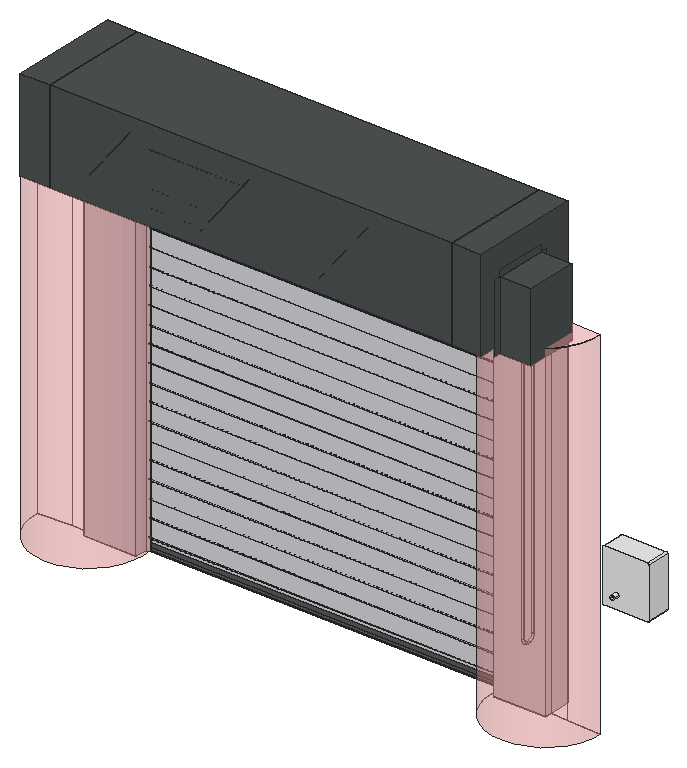
Revit family "Doors_Industrial_Wayne-Dalton_High-Speed-Metal-Doors-Model-888-ADV-Xtreme_new1", category Specialty Equipment, host Wall, Revit 2019
Family settings
  Host = Wall
  Round Connector Dimension = Use Diameter
  Part Type = Normal
  OmniClass Number = 23.30.10.21.34
  OmniClass Title = Industrial Doors
  Always vertical = Yes
  Cut with Voids When Loaded = No
  Shared = No
  Room Calculation Point = No
Parameters (values of type "230 volts, three phase, 60 Hz (208-245V range)")
  True Width [instance] = [Door Width (Real)]  # 10' - 0"
  True Height [instance] = [Door Height (Real)]  # 10' - 0"
  Top Slat Array [instance] = if(Amount of Top Slats > 1, 1 < 2, 1 > 2)  # yes
  Slat Type [instance] = if(or(Slat Option = 1, Slat Option < 1), "Standard", if(Slat Option = 2, "Perforated Aluminum Slats", "Polycarbonate Panels"))  # "Standard"
  Slat Option [instance] = 1
  Slat Material = Metal - Wayne Dalton - Silver
  Slat Height = 0' - 5 13/16"  # constant formula
  Real Width [instance] = roundup([Door Width (Real)] / 1' 0")  # 10
  Product Page URL = "https://www.wayne-dalton.com/high-speed-metal-door-888"
  Powder Coat (Note) = "Approximately 200 optional RAL powder coat colors are also available."  # constant formula
  Optional Slat Array [instance] = not([1st Optional Slat])  # yes
  Motor Cover [instance] = yes
  Lookup Table = "Door Limits"  # constant formula
  Insulated Slat Option [instance] = if(or(Guide Option = 2, Guide Option = 4, Guide Option > 4), 1 = 1, 1 = 2)  # no
  Hood Option [instance] = yes
  Hood Material = Metal - Wayne Dalton - Black
  Headroom Height [instance] = if(or(Header Option < 1, Header Option = 1), 2' 8", 3' 2")  # 2' - 8"
  Header Type [instance] = if(or(Header Option < 1, Header Option = 1), "Standard Header", "Large Header")  # "Standard Header"
  Header Option [instance] = if(or(True Height < 15' 0", True Height = 15' 0"), 1, 2)  # 1
  Guide Type [instance] = if(or(Guide Option < 1, Guide Option = 1), "Wide Guide - Non-Insulated", if(Guide Option = 2, "Wide Guide - Insulated", if(Guide Option = 3, "Slim Guide - Non-Insulated", "Slim Guide - Insulated")))  # "Wide Guide - Non-Insulated"
  Guide Option [instance] = 1
  External Transformer = no
  Door Width (Real) [instance] = if(Door Width > Max Door Width, Max Door Width, if(Door Width < Min Door Width, Min Door Width, Door Width))  # 10' - 0"
  Door Height (Real) [instance] = if(Door Height > Max Door Height, Max Door Height, if(Door Height < Min Door Height, Min Door Height, Door Height))  # 10' - 0"
  Optional Slats Section Height [instance] = Slat Height * [Amount of Optional Slats (Real)]  # 1' - 11 1/4"
  Rough Width [instance] = [Door Width (Real)]  # 10' - 0"
  Rough Height [instance] = [Door Height (Real)] - 0' 1 1/4"  # 9' - 10 3/4"
  Opening Width [instance] = Rough Width  # 10' - 0"
  Opening Height [instance] = Rough Height  # 9' - 10 3/4"
  Voltage = 230 V
  URL = "https://www.wayne-dalton.com/"
  Product data url = "https://www.bimobject.com/wayne-dalton/product/high-speed-metal-doors-model-888-ADV-Xtreme"
  Product Guid = "f6f877ff-ae3f-49dd-87b4-d9b5cf1c7fbb"
  Power Factor = 1
  Number of Poles = 3
  Model = "888"  # constant formula
  Min Door Width [instance] = 4' - 0"  # constant formula
  Min Door Height [instance] = 2' - 0"  # constant formula
  Max Door Width [instance] = if(or(Slat Option = 2, Guide Option = 2, Guide Option = 4, Guide Option > 4), 20' 0", 26' 0")  # 26' - 0"
  Max Door Height [instance] = if(or(Guide Option = 1, Guide Option < 1), size_lookup(Lookup Table, "A", 21' 0", Real Width), if(Guide Option = 2, 21' 0", if(Guide Option = 3, size_lookup(Lookup Table, "B", 21' 0", Real Width), if(or(Guide Option = 4, Guide Option > 4), size_lookup(Lookup Table, "C", 21' 0", Real Width), 21' 0"))))  # 21' - 0"
  Manufacturer = "Wayne Dalton"  # constant formula
  Frequency = 60 Hz  # constant formula
  Wall Closure = By host
  Floor To (CL) of Shaft [instance] = if(or(Header Option < 1, Header Option = 1), Opening Height + 1' 4", Opening Height + 1' 7 161/256")  # 11' - 2 3/4"
  Dimensions Limit (Note) [instance] = "Maximum Height dependant on Width input, see specifications for further detail"  # constant formula
  Connector Description = "Rapidflex Large Control Panel"  # constant formula
  Bottom Slats Section Height [instance] = Slat Height * [Amount of Bottom Slats (Real)]  # 3' - 10 1/2"
  Finish Material = Metal - Wayne Dalton - Silver
  Door Width [instance] = 10' - 0"
  Door Height [instance] = 10' - 0"
  Description = "Built tough with power, security and durability in mind, Model 888 ADV-Xtreme is ideal for applications where security and performance are a priority. Constructed with dual-walled aluminum, this door can withstand pressure up to 100 psf*.‬‬‬ Model 888 ADV-Xtreme also features a patent-pending helical-designed steel headplate that helps prevent metal curtain contact and provides smooth operation. A patent-pending curtain monitoring device ensures the door has a redundant system to monitor the position of the door. *Up to 50 psf with optional vision panels."  # constant formula
  Current = 20 A
  Clearance [instance] = yes
  Bottom Rail (Width) = 0' - 9 3/8"  # constant formula
  Bottom Slat Array [instance] = not([1st Bottom Slat])  # yes
  Backroom Depth [instance] = if(or(Header Option < 1, Header Option = 1), 3' 0 1/2", 3' 6 1/2")  # 3' - 0 1/2"
  Apparent Load Phase 3 = if(Number of Poles = 1, 0 VA, (Voltage * Current * sqrt(3)) / 3)  # 2655.81 VA
  Apparent Load Phase 2 = if(Number of Poles = 1, 0 VA, (Voltage * Current * sqrt(3)) / 3)  # 2655.81 VA
  Apparent Load Phase 1 = if(Number of Poles = 1, Voltage * Current, (Voltage * Current * sqrt(3)) / 3)  # 2655.81 VA
  Amount of Top Slats (Array) [instance] = if(Amount of Top Slats < 2, 2, Amount of Top Slats)  # 9
  Amount of Top Slats [instance] = if((Actual Number of Slats - [Amount of Optional Slats (Real)] - [Amount of Bottom Slats (Real)]) < 1, 0, (Actual Number of Slats - [Amount of Optional Slats (Real)] - [Amount of Bottom Slats (Real)]))  # 9
  Amount of Optional Slats (Real) [instance] = if(or(Amount of Optional Slats = 1, Amount of Optional Slats < 1), 1, if(Amount of Optional Slats > 4, 4, Amount of Optional Slats))  # 4
  Amount of Optional Slats (Array) [instance] = if(or([Amount of Optional Slats (Real)] < 2, [Amount of Optional Slats (Real)] = 2), 2, [Amount of Optional Slats (Real)])  # 4
  Amount of Optional Slats [instance] = 4
  Amount of Bottom Slats (Real) [instance] = if(Amount of Bottom Slats < 1, 1, if(Amount of Bottom Slats > (Actual Number of Slats - [Amount of Optional Slats (Real)]), (Actual Number of Slats - [Amount of Optional Slats (Real)]), Amount of Bottom Slats))  # 8
  Amount of Bottom Slats (Array) [instance] = if(or([Amount of Bottom Slats (Real)] < 2, [Amount of Bottom Slats (Real)] = 2), 2, [Amount of Bottom Slats (Real)])  # 8
  Amount of Bottom Slats [instance] = 8
  Actual Number of Slats [instance] = roundup(([Door Height (Real)] - [Bottom Rail (Width)]) / 0' 5 13/16" + 1)  # 21
  1st Top Slat [instance] = if(Amount of Top Slats = 1, 1 < 2, 1 > 2)  # no
  1st Optional Slat [instance] = if(or([Amount of Optional Slats (Real)] = 1, [Amount of Optional Slats (Real)] < 1), 1 < 2, 1 > 2)  # no
  1st Bottom Slat [instance] = if([Amount of Bottom Slats (Real)] = 1, 1 < 2, 1 > 2)  # no
Reference planes (in)
  plane 1 "Center (Front/Back)": y = 0
  plane 2 "Center (Left/Right)": x = 0
  plane 3 "Left": x = -60
  plane 4 "Right": x = 60
  plane 5 "Top": z = 120
  plane 6 "Exterior": y = 3
  plane 7 "Interior": y = -3
  plane 8: x = 60
  plane 9: x = -60
  plane 10: z = 118.75
  plane 11: z = 150.75
  plane 12 "Main": y = -7.11719
  plane 13: y = -39.5
  plane 14 "Bottom Rail": z = 9.375
  plane 15 "Main Door Block": y = -3
  plane 16: z = 47.47
  plane 17: z = 61.6875
  plane 18: z = 73.3125
  plane 19: z = 50.0625
  plane 20: z = 2.5
  plane 21: y = -7.61719
  plane 22: y = -6.61719
  plane 23 "1st Bottom Slat": z = 2.5
  plane 24: z = 79.125
  plane 25: z = 15.1875
  plane 26: z = 3.5625
Forms (in)
  Extrusion 1, solid, material "Plastic - Wayne Dalton - Nylon"
    sketch origin (0, 0, 0) x (0, 1, 0) y (0, 0, 1)
      loop
        line (-7.61719, 2.5) -> (-7.61719, 1.064) -> (-7.73131, 0.25198) -> (-7.93536, 0) -> (-6.29902, 0) -> (-6.50307, 0.25198) -> (-6.61719, 1.064) -> (-6.61719, 2.5) -> (-7.61719, 2.5)
    from -60 to 60
Lines and regions (in)
  Opening 1
    outline origin (-90, -3, 0) x (1, 0, 0) y (0, 0, 1)
      loop
        line (30, 0) -> (150, 0) -> (150, 118.75) -> (30, 118.75) -> (30, 0)
Text (in)
  text "Exterior" at (-74.96733, 27.31104, 0), in view "Ref. Level"
  text "Interior" at (-74.96733, -25.14366, 0), in view "Ref. Level"
  text "Exterior" at (0, 40.15149, 123.01588), in view "Right"
  text "Interior" at (0, -64.39139, 123.01588), in view "Right"
  text "Interior" at (0, -31.01599, 123.00693), in view "Left"
  text "Exterior" at (0, 54.57065, 123.00693), in view "Left"
Dimensions and locks (in)
  equal spacing: plane 3 "Left", plane 2 "Center (Left/Right)", plane 4 "Right"
  "Door Height (Real)": level to plane 5 "Top"
  "Door Width (Real)": plane 3 "Left" to plane 4 "Right"
  host wall to plane 5 "Top" = 10' - 0"
  level to host wall = 38' - 3.59655"
  "Rough Height": level to plane 10
  equal spacing: plane 9, plane 2 "Center (Left/Right)", plane 8
  "Rough Width": plane 8 to plane 9
  "Headroom Height": plane 10 to plane 11
  "Backroom Depth": plane 7 "Interior" to plane 13
  "Bottom Rail (Width)": plane 14 "Bottom Rail" to level
  plane 10 to level = 9' - 10 3/4"
  locked: plane 15 "Main Door Block" to plane 12 "Main" at 4.11719
  plane 1 "Center (Front/Back)" to plane 7 "Interior" = 0' - 3"
  equal spacing: plane 18, plane 17, plane 19
  "Optional Slats Section Height": plane 18 to plane 19
  equal spacing: plane 21, plane 12 "Main", plane 22
  locked: plane 21 to plane 22 at 1
  locked: Extrusion 1 sketch curve to Extrusion 1 sketch curve at 0.82  (x2)
  locked: plane 20 to Extrusion 1 sketch curve at 1.436  (x2)
  locked: plane 23 "1st Bottom Slat" to level at 2.5
  equal spacing: group 1, group 7, group 8, group 2  (x3)
  "Slat Height": plane 18 to plane 24
  equal spacing: group 3, group 4, group 15, group 16, group 17, group 18, group 19, group 20, group 21  (x3)
  "Slat Height": plane 25 to plane 14 "Bottom Rail"
  "Bottom Slats Section Height": plane 19 to plane 26
  locked: plane 26 to level at 3.5625
  equal spacing: group 5, group 6, group 9, group 10, group 11, group 12, group 13, group 14  (x3)
  plane 23 "1st Bottom Slat" to plane 26 = 0' - 1 1/16"
  locked: Extrusion 1 sketch curve to Extrusion 1 sketch curve (angle 172.00°)  (x2)
  locked: Extrusion 1 sketch curve to Extrusion 1 sketch curve (angle 149.00°)  (x2)
  aligned and locked: Opening 1 sketch curve to level
  aligned and locked: plane 6 "Exterior" to host wall
  aligned and locked: host wall to plane 7 "Interior"
  aligned and locked: plane 9 to Opening 1 sketch curve
  aligned and locked: plane 8 to Opening 1 sketch curve
  aligned and locked: Opening 1 sketch curve to plane 10
  aligned and locked: Extrusion 1 to plane 4 "Right"
  aligned and locked: plane 3 "Left" to Extrusion 1
  aligned and locked: nested 1 to plane 7 "Interior"
  aligned and locked: nested 1 to plane 2 "Center (Left/Right)"
  aligned and locked: level to nested 1
  aligned and locked: plane 15 "Main Door Block" to plane 7 "Interior"
  aligned and locked: plane 20 to Extrusion 1 sketch curve
  aligned and locked: plane 21 to Extrusion 1 sketch curve
  aligned and locked: plane 22 to Extrusion 1 sketch curve
  aligned and locked: Extrusion 1 sketch curve to level
  aligned and locked: nested 2 to plane 19
  aligned and locked: plane 18 to nested 3
  aligned and locked: plane 12 "Main" to nested 3
  aligned and locked: plane 12 "Main" to nested 2
  aligned and locked: nested 4 to plane 19
  aligned and locked: plane 18 to nested 5
  aligned and locked: plane 12 "Main" to nested 4
  aligned and locked: plane 12 "Main" to nested 5
  aligned and locked: plane 18 to nested 6
  aligned and locked: nested 7 to plane 24
  aligned and locked: plane 12 "Main" to nested 6
  aligned and locked: plane 12 "Main" to nested 7
  aligned and locked: nested 8 to plane 26
  aligned and locked: nested 9 to plane 14 "Bottom Rail"
  aligned and locked: plane 12 "Main" to nested 9
  aligned and locked: plane 12 "Main" to nested 8
  aligned and locked: nested 10 to plane 26
  aligned and locked: nested 10 to plane 12 "Main"
Nested families (in)
  nested 1: "Lifts" at (0, -3, 0) x (-1, 0, 0) z (0, 0, 1), Header Option <- "Header Option", Guid Option <- "Guide Option", Header Height <- "Headroom Height", Header Width <- "Backroom Depth", Motor Cover <- "Motor Cover", type "Frame Unit"
    with Spool Radius 1' - 2", Right Motor Position yes, Motor Cover Off no, Motor Cover yes, Masking Region Right Motor no, Masking Region Left Motor no, Left Motor Position no, Header Width 3' - 0 1/2", Header Option 1, Header Height 2' - 8", Guid Width 1' - 5 1/4", Guid Option 1, Floor To (CL) of Shaft 11' - 2 3/4", Electric Operator Position 17' - 1 1/2", Clearance (Wide Guid) yes, Clearance (Slim Guid) no, CL Shaft Offset 1' - 0"
  nested 2: "Slat" at (0, -7.11719, 55.875) x (1, 0, 0) z (0, 0, -1), visible <- "1st Optional Slat", Slat Option <- "Slat Option", type "Slat"
    with Standard Slat Bottom Rail no, Standard Slat yes, Slat Option 1, Polycarbonate Slat Bottom Rail no, Polycarbonate Slat no, Perforated Slat Bottom Rail no, Perforated Slat no, Bottom Rail no
  nested 3: "Slat" at (0, -7.11719, 79.125) x (1, 0, 0) z (0, 0, -1), visible <- "1st Top Slat", type "Slat"
    with Standard Slat Bottom Rail no, Standard Slat yes, Slat Option 1, Polycarbonate Slat Bottom Rail no, Polycarbonate Slat no, Perforated Slat Bottom Rail no, Perforated Slat no, Bottom Rail no
  nested 4: "Slat" at (0, -7.11719, 55.875) x (1, 0, 0) z (0, 0, -1), visible <- "Optional Slat Array", Slat Option <- "Slat Option", type "Slat"
    with Standard Slat Bottom Rail no, Standard Slat yes, Slat Option 1, Polycarbonate Slat Bottom Rail no, Polycarbonate Slat no, Perforated Slat Bottom Rail no, Perforated Slat no, Bottom Rail no
  nested 5: "Slat" at (0, -7.11719, 73.3125) x (1, 0, 0) z (0, 0, -1), visible <- "Optional Slat Array", Slat Option <- "Slat Option", type "Slat"
    with Standard Slat Bottom Rail no, Standard Slat yes, Slat Option 1, Polycarbonate Slat Bottom Rail no, Polycarbonate Slat no, Perforated Slat Bottom Rail no, Perforated Slat no, Bottom Rail no
  nested 6: "Slat" at (0, -7.11719, 79.125) x (1, 0, 0) z (0, 0, -1), visible <- "Top Slat Array", type "Slat"
    with Standard Slat Bottom Rail no, Standard Slat yes, Slat Option 1, Polycarbonate Slat Bottom Rail no, Polycarbonate Slat no, Perforated Slat Bottom Rail no, Perforated Slat no, Bottom Rail no
  nested 7: "Slat" at (0, -7.11719, 84.9375) x (1, 0, 0) z (0, 0, -1), visible <- "Top Slat Array", type "Slat"
    with Standard Slat Bottom Rail no, Standard Slat yes, Slat Option 1, Polycarbonate Slat Bottom Rail no, Polycarbonate Slat no, Perforated Slat Bottom Rail no, Perforated Slat no, Bottom Rail no
  nested 8: "Slat" at (0, -7.11719, 9.375) x (1, 0, 0) z (0, 0, -1), visible <- "Bottom Slat Array", type "Slat"
    with Standard Slat Bottom Rail no, Standard Slat yes, Slat Option 1, Polycarbonate Slat Bottom Rail no, Polycarbonate Slat no, Perforated Slat Bottom Rail no, Perforated Slat no, Bottom Rail no
  nested 9: "Slat" at (0, -7.11719, 15.1875) x (1, 0, 0) z (0, 0, -1), visible <- "Bottom Slat Array", type "Slat"
    with Standard Slat Bottom Rail no, Standard Slat yes, Slat Option 1, Polycarbonate Slat Bottom Rail no, Polycarbonate Slat no, Perforated Slat Bottom Rail no, Perforated Slat no, Bottom Rail no
  nested 10: "Slat" at (0, -7.11719, 3.5625), type "Slat"
    with Standard Slat Bottom Rail yes, Standard Slat yes, Slat Option 1, Polycarbonate Slat Bottom Rail no, Polycarbonate Slat no, Perforated Slat Bottom Rail no, Perforated Slat no, Bottom Rail yes
  nested 11: "Slat" at (0, -7.11719, 61.6875) x (1, 0, 0) z (0, 0, -1), visible <- "Optional Slat Array", Slat Option <- "Slat Option", type "Slat"
    with Standard Slat Bottom Rail no, Standard Slat yes, Slat Option 1, Polycarbonate Slat Bottom Rail no, Polycarbonate Slat no, Perforated Slat Bottom Rail no, Perforated Slat no, Bottom Rail no
  nested 12: "Slat" at (0, -7.11719, 67.5) x (1, 0, 0) z (0, 0, -1), visible <- "Optional Slat Array", Slat Option <- "Slat Option", type "Slat"
    with Standard Slat Bottom Rail no, Standard Slat yes, Slat Option 1, Polycarbonate Slat Bottom Rail no, Polycarbonate Slat no, Perforated Slat Bottom Rail no, Perforated Slat no, Bottom Rail no
  nested 13: "Slat" at (0, -7.11719, 21) x (1, 0, 0) z (0, 0, -1), visible <- "Bottom Slat Array", type "Slat"
    with Standard Slat Bottom Rail no, Standard Slat yes, Slat Option 1, Polycarbonate Slat Bottom Rail no, Polycarbonate Slat no, Perforated Slat Bottom Rail no, Perforated Slat no, Bottom Rail no
  nested 14: "Slat" at (0, -7.11719, 26.8125) x (1, 0, 0) z (0, 0, -1), visible <- "Bottom Slat Array", type "Slat"
    with Standard Slat Bottom Rail no, Standard Slat yes, Slat Option 1, Polycarbonate Slat Bottom Rail no, Polycarbonate Slat no, Perforated Slat Bottom Rail no, Perforated Slat no, Bottom Rail no
  nested 15: "Slat" at (0, -7.11719, 32.625) x (1, 0, 0) z (0, 0, -1), visible <- "Bottom Slat Array", type "Slat"
    with Standard Slat Bottom Rail no, Standard Slat yes, Slat Option 1, Polycarbonate Slat Bottom Rail no, Polycarbonate Slat no, Perforated Slat Bottom Rail no, Perforated Slat no, Bottom Rail no
  nested 16: "Slat" at (0, -7.11719, 38.4375) x (1, 0, 0) z (0, 0, -1), visible <- "Bottom Slat Array", type "Slat"
    with Standard Slat Bottom Rail no, Standard Slat yes, Slat Option 1, Polycarbonate Slat Bottom Rail no, Polycarbonate Slat no, Perforated Slat Bottom Rail no, Perforated Slat no, Bottom Rail no
  nested 17: "Slat" at (0, -7.11719, 44.25) x (1, 0, 0) z (0, 0, -1), visible <- "Bottom Slat Array", type "Slat"
    with Standard Slat Bottom Rail no, Standard Slat yes, Slat Option 1, Polycarbonate Slat Bottom Rail no, Polycarbonate Slat no, Perforated Slat Bottom Rail no, Perforated Slat no, Bottom Rail no
  nested 18: "Slat" at (0, -7.11719, 50.0625) x (1, 0, 0) z (0, 0, -1), visible <- "Bottom Slat Array", type "Slat"
    with Standard Slat Bottom Rail no, Standard Slat yes, Slat Option 1, Polycarbonate Slat Bottom Rail no, Polycarbonate Slat no, Perforated Slat Bottom Rail no, Perforated Slat no, Bottom Rail no
  nested 19: "Slat" at (0, -7.11719, 90.75) x (1, 0, 0) z (0, 0, -1), visible <- "Top Slat Array", type "Slat"
    with Standard Slat Bottom Rail no, Standard Slat yes, Slat Option 1, Polycarbonate Slat Bottom Rail no, Polycarbonate Slat no, Perforated Slat Bottom Rail no, Perforated Slat no, Bottom Rail no
  nested 20: "Slat" at (0, -7.11719, 96.5625) x (1, 0, 0) z (0, 0, -1), visible <- "Top Slat Array", type "Slat"
    with Standard Slat Bottom Rail no, Standard Slat yes, Slat Option 1, Polycarbonate Slat Bottom Rail no, Polycarbonate Slat no, Perforated Slat Bottom Rail no, Perforated Slat no, Bottom Rail no
  nested 21: "Slat" at (0, -7.11719, 102.375) x (1, 0, 0) z (0, 0, -1), visible <- "Top Slat Array", type "Slat"
    with Standard Slat Bottom Rail no, Standard Slat yes, Slat Option 1, Polycarbonate Slat Bottom Rail no, Polycarbonate Slat no, Perforated Slat Bottom Rail no, Perforated Slat no, Bottom Rail no
  nested 22: "Slat" at (0, -7.11719, 108.1875) x (1, 0, 0) z (0, 0, -1), visible <- "Top Slat Array", type "Slat"
    with Standard Slat Bottom Rail no, Standard Slat yes, Slat Option 1, Polycarbonate Slat Bottom Rail no, Polycarbonate Slat no, Perforated Slat Bottom Rail no, Perforated Slat no, Bottom Rail no
  nested 23: "Slat" at (0, -7.11719, 114) x (1, 0, 0) z (0, 0, -1), visible <- "Top Slat Array", type "Slat"
    with Standard Slat Bottom Rail no, Standard Slat yes, Slat Option 1, Polycarbonate Slat Bottom Rail no, Polycarbonate Slat no, Perforated Slat Bottom Rail no, Perforated Slat no, Bottom Rail no
  nested 24: "Slat" at (0, -7.11719, 119.8125) x (1, 0, 0) z (0, 0, -1), visible <- "Top Slat Array", type "Slat"
    with Standard Slat Bottom Rail no, Standard Slat yes, Slat Option 1, Polycarbonate Slat Bottom Rail no, Polycarbonate Slat no, Perforated Slat Bottom Rail no, Perforated Slat no, Bottom Rail no
  nested 25: "Slat" at (0, -7.11719, 125.625) x (1, 0, 0) z (0, 0, -1), visible <- "Top Slat Array", type "Slat"
    with Standard Slat Bottom Rail no, Standard Slat yes, Slat Option 1, Polycarbonate Slat Bottom Rail no, Polycarbonate Slat no, Perforated Slat Bottom Rail no, Perforated Slat no, Bottom Rail no
Connectors (in)
  electrical at (102.74935, -10.54, 48), driven by "Number of Poles", driven by "Voltage", driven by "Apparent Load Phase 1", driven by "Power Factor", driven by "Connector Description", driven by "Apparent Load Phase 2", driven by "Apparent Load Phase 3"
    settings: on nested 1, index 1, voltage 230 V, apparent load 0 VA, apparent load phase1 2655.81 VA, apparent load phase2 2655.81 VA, apparent load phase3 2655.81 VA, power factor 1, load classification "Other", number of poles 3, system type 31, power factor state 1, is connector primary yes, connector utility no, sub classification motor no, connector description "Rapidflex Large Control Panel"
Definition of nested family "Lifts"
  Parameters (values of type "Frame Unit")
    Spool Radius [instance] = if(or(Header Option < 1, Header Option = 1), 1' 2", 1' 5.7")  # 1' - 5.7"
    Shaft Material = none
    Right Motor Position [instance] = yes
    Opening Width = 10' - 0"
    Naked Header = not(Hood Option)  # no
    Motor Cover Off [instance] = not(Motor Cover)  # no
    Motor Cover [instance] = yes
    Masking Region Right Motor [instance] = if(and(Right Motor Position, Motor Cover Off), 1 = 1, 1 = 2)  # no
    Masking Region Left Motor [instance] = if(and(Left Motor Position, Motor Cover Off), 1 = 1, 1 = 2)  # no
    Left Motor Position [instance] = yes
    Hood Option = yes
    Hood Material = none
    Header Width [instance] = 3' - 6 1/2"
    Header Option [instance] = 2
    Header Height [instance] = 3' - 2"
    Guid Width [instance] = if(or(Guid Option > 3, Guid Option = 3), 1' 0.63", 1' 5 1/4")  # 1' - 5 1/4"
    Guid Option [instance] = 1
    External Transformer = no
    Electric Operator Position [instance] = if(Right Motor Position, (3' 6 3/4" * 2 + Opening Width), 0' 0")  # 17' - 1 1/2"
    Clearance (Wide Guid) [instance] = if(and(Clearance, or(Guid Option < 2, Guid Option = 2)), 1 < 2, 1 > 2)  # yes
    Clearance (Slim Guid) [instance] = if(and(Clearance, or(Guid Option > 3, Guid Option = 3)), 1 < 2, 1 > 2)  # no
    Clearance = yes
    Opening Height = 9' - 10 3/4"
    Floor To (CL) of Shaft [instance] = if(or(Header Option < 1, Header Option = 1), Opening Height + 1' 4", Opening Height + 1' 7.63")  # 11' - 6.38"
    Finish Material = none
    CL Shaft Offset [instance] = if(or(Header Option < 1, Header Option = 1), 1' 0", 1' 4.53")  # 1' - 4.53"
    Analytic Construction = "<None>"
  Reference planes (in)
    plane 1 "Center (Front/Back)": y = 0
    plane 2: z = 0
    plane 3 "Center (Left/Right)": x = 0
    plane 4 "Left": x = -60
    plane 5 "Right": x = 60
    plane 6 "Center Line of Shaft": z = 138.38
    plane 7 "Headroom Top": z = 156.75
    plane 8 "Opening Height": z = 118.75
    plane 9: x = -87.5
    plane 10 "Shaft": x = -75.54413
    plane 11 "Box": x = -102.74935
    plane 12 "EBOX": z = 48
    plane 13: z = 39.09375
    plane 14: z = 56.90625
    plane 15: z = 43.5
    plane 16: y = 16.53
    plane 17: y = 7.54
    plane 18: x = 72.81
    plane 19: y = 2.73
    plane 20: y = 5.5094
    plane 21: y = 7.25
    plane 22: z = 120
    plane 23: x = -72.81
    plane 24: x = -40
    plane 25: x = -20
    plane 26: x = 0
    plane 27: z = 122.5
    plane 28: z = 154.25
    plane 29: x = 20
    plane 30: x = 40
    plane 31: y = 42.5
    plane 32: x = 87.5
    plane 33: y = 7.28
    plane 34: x = -77.68
    plane 35: x = 77.68
    plane 36: x = 77.25
    plane 37: x = -77.25
    plane 38: x = -94.99935
    plane 39: x = -110.49935
    plane 40 "Center L/MM": x = 75.54413
    plane 41 "Center L/NN": x = 102.75065
    plane 42: y = 7.54
  Forms (in)
    Extrusion 1, solid, material <- "Shaft Material"
      sketch origin (0, 0, 0) x (0, 1, 0) y (0, 0, 1)
        loop
          circle (21.25, 138.38) r 0.78
      from -87.5 to 87.5
    Extrusion 2, solid, material <- "Hood Material"
      sketch origin (60, 0, 0) x (0, -1, 0) y (0, 0, 1)
        loop
          circle (-21.25, 138.38) r 17.7
      from -6.97 to -16.504
    Extrusion 3, solid, material <- "Shaft Material"
      sketch origin (0, 0, 138.38) x (-1, 0, 0) y (0, -1, 0)
        loop
          line (-76.504, -16.61) -> (-76.745, -16.61) -> (-76.745, -23.86) -> (-76.504, -23.86) -> (-76.504, -16.61)
        loop
          line (76.504, -16.61) -> (76.504, -23.86) -> (76.745, -23.86) -> (76.745, -16.61) -> (76.504, -16.61)
      from 5.62 to -3
    Extrusion 4, solid
      sketch origin (-1.95651, 0, 0) x (1, 0, 0) y (0, 0, 1)
        loop
          line (-93.54284, 56.90625) -> (-108.04284, 56.90625)
          arc (-108.04284, 56.90625) -> (-108.39639, 56.7598) -> (-108.54284, 56.40625) r 0.5
          line (-108.54284, 56.40625) -> (-108.54284, 39.59375)
          arc (-108.54284, 39.59375) -> (-108.39639, 39.2402) -> (-108.04284, 39.09375) r 0.5
          line (-108.04284, 39.09375) -> (-93.54284, 39.09375)
          arc (-93.54284, 39.09375) -> (-93.18929, 39.2402) -> (-93.04284, 39.59375) r 0.5
          line (-93.04284, 39.59375) -> (-93.04284, 56.40625)
          arc (-93.04284, 56.40625) -> (-93.18929, 56.7598) -> (-93.54284, 56.90625) r 0.5
      from -7.54 to 0
    Revolve 5, solid, visible <- "Right Motor Position"
      sketch origin (-55.03203, -180, 43.5) x (-1, 0, 0) y (0, -1, 0)
        loop
          line (44.35732, -187.54) -> (43.60732, -187.54) -> (43.75732, -189.312) -> (44.35732, -189.312) -> (44.35732, -187.54)
        axis (44.35732, -187.54) -> (44.35732, -189.312)
      angle from 0 to 360
    Extrusion 6, solid, material <- "Finish Material"
      sketch origin (0, 0, 0) x (1, 0, 0) y (0, 1, 0)
        loop
          line (60, 0) -> (77.25, 0) -> (77.25, 9.5) -> (60, 9.5) -> (60, 5.5094) -> (59, 4.80919) -> (59, 3.43021) -> (60, 2.73) -> (60, 0)
        loop
          line (-77.25, 0) -> (-60, 0) -> (-60, 2.73) -> (-59, 3.43021) -> (-59, 4.80919) -> (-60, 5.5094) -> (-60, 9.5) -> (-77.25, 9.5) -> (-77.25, 0)
      from 0 to 120
    Extrusion 7, solid, visible <- "Clearance (Slim Guid)"
      sketch origin (0, 0, 0) x (1, 0, 0) y (0, 1, 0)
        loop
          line (59.00502, 4.81271) -> (60, 5.5094) -> (60, 9.5) -> (72.625, 9.5) -> (72.625, 7.25) -> (72.86879, 7.25) -> (85.75065, 7.92511)
          arc (85.75065, 7.92511) -> (70.70003, 20.78662) -> (59.00502, 4.81271) r 13.50118
        loop
          arc (-59.00502, 4.81271) -> (-70.69873, 20.79785) -> (-85.75065, 7.92511) r 13.50197
          line (-85.75065, 7.92511) -> (-72.86879, 7.25) -> (-72.625, 7.25) -> (-72.625, 9.5) -> (-60, 9.5) -> (-60, 5.5094) -> (-59.00502, 4.81271)
      from 0 to 120
    Extrusion 8, solid, material <- "Hood Material", visible <- "Hood Option"
      sketch origin (0, 0, 0) x (0, 1, 0) y (0, 0, 1)
        loop
          line (0, 120) -> (42.5, 120) -> (42.5, 156.75) -> (0, 156.75) -> (0, 120)
      from -67.475 to 67.475
    Sweep 9, solid, material <- "Hood Material"
      path origin (0, 0, 0) x (0, 1, 0) y (0, 0, 1)
        loop
          line (0, 120) -> (42.5, 120) -> (42.5, 156.75) -> (0, 156.75) -> (0, 120)
      profile origin (0, 0, 138.375) x (0, -1, 0) y (1, 0, 0)
        loop
          line (0, 67.475) -> (0, 77.25) -> (-0.5, 77.25) -> (-0.5, 67.475) -> (0, 67.475)
        loop
          line (0, -67.475) -> (-0.5, -67.475) -> (-0.5, -77.25) -> (0, -77.25) -> (0, -67.475)
    Extrusion 10, solid, material <- "Hood Material"
      sketch origin (0, 0, 0) x (1, 0, 0) y (0, 1, 0)
        loop
          line (77.25, 0) -> (77.25, 42.5) -> (76.745, 42.5) -> (76.745, 0) -> (77.25, 0)
        loop
          line (-77.25, 0) -> (-76.745, 0) -> (-76.745, 42.5) -> (-77.25, 42.5) -> (-77.25, 0)
      from 120 to 156.75
    Extrusion 11, solid, material <- "Hood Material"
      sketch origin (0, 0, 0) x (0, 1, 0) y (0, 0, 1)
        loop
          line (0.5, 120.5) -> (2.5, 120.5) -> (2.5, 124.5) -> (0.5, 124.5) -> (0.5, 120.5)
        loop
          line (0.5, 156.25) -> (0.5, 152.25) -> (2.5, 152.25) -> (2.5, 156.25) -> (0.5, 156.25)
        loop
          line (42, 156.25) -> (40, 156.25) -> (40, 152.25) -> (42, 152.25) -> (42, 156.25)
        loop
          line (42, 120.5) -> (42, 124.5) -> (40, 124.5) -> (40, 120.5) -> (42, 120.5)
      from -76.745 to 76.745
    Sweep 12, solid, material <- "Hood Material"
      path origin (0, 0, 0) x (1, 0, 0) y (0, 0, 1)
        loop
          line (-60, 121.5) -> (-60, 122.5) -> (-40, 154.25) -> (-20, 122.5) -> (0, 154.25) -> (20, 122.5) -> (40, 154.25) -> (60, 122.5) -> (60, 121.5)
      profile origin (-60, 0, 122) x (-1, 0, 0) y (0, -1, 0)
        loop
          line (1, -0.5) -> (-1, -0.5) -> (-1, -2.5) -> (1, -2.5) -> (1, -0.5)
        loop
          line (1, -40) -> (-1, -40) -> (-1, -42) -> (1, -42) -> (1, -40)
    Extrusion 13, void
      sketch origin (0, 0, 0) x (1, 0, 0) y (0, 0, 1)
        loop
          line (-78.35432, 152.25) -> (80.245, 152.25) -> (80.245, 186.25) -> (-78.35432, 186.25) -> (-78.35432, 152.25)
        loop
          line (80.245, 105.5) -> (80.245, 124.5) -> (-78.35432, 124.5) -> (-78.35432, 105.5) -> (80.245, 105.5)
      from 0 to -42.5
    Extrusion 14, solid, visible <- "Clearance (Wide Guid)"
      sketch origin (0, 0.03, 0) x (1, 0, 0) y (0, 1, 0)
        loop
          arc (-59, 4.77919) -> (-74.94522, 26.56962) -> (-94.4, 7.84572) r 17.92829
          line (-94.4, 7.84572) -> (-83.03307, 7.25) -> (-77.495, 7.25) -> (-77.495, 9.5) -> (-60, 9.5) -> (-60, 5.4794) -> (-59, 4.77919)
        loop
          line (59, 4.77919) -> (60, 5.4794) -> (60, 9.5) -> (77.495, 9.5) -> (77.495, 7.25) -> (83.03307, 7.25) -> (94.4, 7.84572)
          arc (94.4, 7.84572) -> (74.94522, 26.56962) -> (59, 4.77919) r 17.92829
      from 0 to 120
    Extrusion 15, solid, material <- "Hood Material"
      sketch origin (-60, -60, 48) x (0, -1, 0) y (0, 0, 1)
        loop
          circle (-81.25, 90.38) r 17.7
      from 6.97 to 16.504
    Extrusion 16, solid, visible <- "External Transformer"
      sketch origin (0, 0, 48) x (1, 0, 0) y (0, 1, 0)
        loop
          line (-109.62435, 0) -> (-95.87435, 0) -> (-95.87435, 0.125) -> (-98.24935, 0.125) -> (-98.24935, 9.3125) -> (-107.24935, 9.3125) -> (-107.24935, 0.125) -> (-109.62435, 0.125) -> (-109.62435, 0)
      from -19.13 to -10
    Revolve 17, solid, visible <- "Left Motor Position"
      sketch origin (-150.46926, -180, 43.5) x (1, 0, 0) y (0, 1, 0)
        loop
          line (44.35991, 187.54) -> (44.35991, 189.312) -> (43.75991, 189.312) -> (43.60991, 187.54) -> (44.35991, 187.54)
        axis (44.35991, 187.54) -> (44.35991, 189.312)
      angle from 0 to 360
  Cuts and joins
    joined: Sweep 9, Extrusion 10
    Extrusion 13 cuts Sweep 12
  Lines and regions (in)
    Masking region 1
      outline origin (0, 0, 0) x (1, 0, 0) y (0, 1, 0)
        loop
          line (-110.49935, 0) -> (-94.99935, 0) -> (-94.99935, 7.54) -> (-110.49935, 7.54) -> (-110.49935, 0)
    Masking region 2, visible <- "Right Motor Position"
      outline origin (0, 0, 0) x (1, 0, 0) y (0, 1, 0)
        loop
          line (-98.63935, 7.54) -> (-98.78935, 9.312) -> (-99.98935, 9.312) -> (-100.13935, 7.54) -> (-98.63935, 7.54)
    Masking region 3, visible <- "Naked Header"
      outline origin (0, 0, 0) x (1, 0, 0) y (0, 1, 0)
        loop
          line (-77.25, 42.5) -> (-77.25, 0) -> (-67.475, 0) -> (-67.475, 3.55) -> (-66.97, 3.55) -> (-66.97, 38.95) -> (-67.475, 38.95) -> (-67.475, 42.5) -> (-77.25, 42.5)
        loop
          line (67.475, 42.5) -> (67.475, 38.95) -> (66.97, 38.95) -> (66.97, 3.55) -> (67.475, 3.55) -> (67.475, 0) -> (77.25, 0) -> (77.25, 42.5) -> (67.475, 42.5)
    Masking region 4, visible <- "Naked Header"
      outline origin (0, 0, 0) x (1, 0, 0) y (0, 1, 0)
        loop
          line (67.475, 2.5) -> (-67.475, 2.5) -> (-67.475, 0.5) -> (67.475, 0.5) -> (67.475, 2.5)
        loop
          line (-66.97, 22.03) -> (-66.97, 20.47) -> (66.97, 20.47) -> (66.97, 22.03) -> (-66.97, 22.03)
        loop
          line (-67.475, 40) -> (67.475, 40) -> (67.475, 42) -> (-67.475, 42) -> (-67.475, 40)
    Masking region 5, visible <- "Naked Header"
      outline origin (0, 0, 0) x (1, 0, 0) y (0, 1, 0)
        loop
          line (-77.25, 9.5) -> (-77.25, 0) -> (-60, 0) -> (-60, 2.73) -> (-59, 3.43021) -> (-59, 4.80919) -> (-60, 5.5094) -> (-60, 9.5) -> (-77.25, 9.5)
        loop
          line (60, 0) -> (77.25, 0) -> (77.25, 9.5) -> (60, 9.5) -> (60, 5.5094) -> (59, 4.80919) -> (59, 3.43021) -> (60, 2.73) -> (60, 0)
    Masking region 6, visible <- "Hood Option"
      outline origin (0, 0, 0) x (1, 0, 0) y (0, 1, 0)
        loop
          line (77.25, 42.5) -> (-77.25, 42.5) -> (-77.25, 0) -> (77.25, 0) -> (77.25, 42.5)
    Masking region 7, visible <- "Naked Header"
      outline origin (0, 0, 0) x (1, 0, 0) y (0, 1, 0)
        loop
          line (-59.1721, 4.9297) -> (-59, 4.80919) -> (-59, 3.43021) -> (-59.1721, 3.3097) -> (59.1721, 3.3097) -> (59, 3.43021) -> (59, 4.80919) -> (59.1721, 4.9297) -> (-59.1721, 4.9297)
    Masking region 8, visible <- "Masking Region Left Motor"
      outline origin (0, 0, 0) x (1, 0, 0) y (0, 1, 0)
        loop
          line (77.25, 22.03) -> (77.25, 20.47) -> (80.479, 20.47) -> (80.479, 21.43043) -> (81.009, 21.43043) -> (81.009, 22.03) -> (80.41413, 22.03) -> (80.41413, 21.92998) -> (79.18006, 21.92998) -> (79.18006, 22.03) -> (77.25, 22.03)
        loop
          line (87.5, 22.03) -> (84.949, 22.03) -> (84.949, 21.43043) -> (85.479, 21.43043) -> (85.479, 20.47) -> (87.5, 20.47) -> (87.5, 22.03)
    Masking region 9, visible <- "Masking Region Right Motor"
      outline origin (0, 0, 0) x (1, 0, 0) y (0, 1, 0)
        loop
          line (-77.25, 22.03) -> (-79.18006, 22.03) -> (-79.18006, 21.92998) -> (-80.41413, 21.92998) -> (-80.41413, 22.03) -> (-81.009, 22.03) -> (-81.009, 21.43043) -> (-80.479, 21.43043) -> (-80.479, 20.47) -> (-77.25, 20.47) -> (-77.25, 22.03)
        loop
          line (-87.5, 22.03) -> (-87.5, 20.47) -> (-85.479, 20.47) -> (-85.479, 21.43043) -> (-84.949, 21.43043) -> (-84.949, 22.03) -> (-87.5, 22.03)
    Masking region 10, visible <- "Left Motor Position"
      outline origin (0, 0, 0) x (1, 0, 0) y (0, 1, 0)
        loop
          line (-87.5, 20.47) -> (-77.25, 20.47) -> (-77.25, 22.03) -> (-87.5, 22.03) -> (-87.5, 20.47)
    Masking region 11, visible <- "Right Motor Position"
      outline origin (0, 0, 0) x (1, 0, 0) y (0, 1, 0)
        loop
          line (87.5, 22.03) -> (77.25, 22.03) -> (77.25, 20.47) -> (87.5, 20.47) -> (87.5, 22.03)
    Masking region 12, visible <- "External Transformer"
      outline origin (0, 0, 0) x (1, 0, 0) y (0, 1, 0)
        loop
          line (-107.24935, 7.54) -> (-98.24935, 7.54) -> (-98.24935, 9.3125) -> (-107.24935, 9.3125) -> (-107.24935, 7.54)
    Masking region 13, visible <- "Left Motor Position"
      outline origin (-205.50129, 0, 0) x (0, 1, 0) y (-1, 0, 0)
        loop
          line (7.54, -98.64194) -> (7.54, -100.14194) -> (9.312, -99.99194) -> (9.312, -98.79194) -> (7.54, -98.64194)
    symbolic lines
      curve 1: line (-67.475, 42.5, 0) -> (-67.475, 0, 0)
      curve 2: line (67.475, 0, 0) -> (67.475, 42.5, 0)
  Dimensions and locks (in)
    equal spacing: plane 4 "Left", plane 3 "Center (Left/Right)", plane 5 "Right"
    "Opening Width": plane 4 "Left" to plane 5 "Right"
    "Header Height": plane 7 "Headroom Top" to plane 8 "Opening Height"
    "Opening Height": plane 8 "Opening Height" to level
    locked: plane 9 to plane 4 "Left" at 27.5
    locked: Extrusion 3 sketch curve to Extrusion 3 sketch curve at 0.241  (x2)
    locked: level to plane 12 "EBOX" at 48
    locked: plane 11 "Box" to Revolve 5 sketch curve at 3.36
    equal spacing: plane 14, plane 12 "EBOX", plane 13
    locked: plane 12 "EBOX" to plane 15 at 4.5
    locked: plane 13 to plane 14 at 17.8125
    locked: plane 10 "Shaft" to plane 4 "Left" at 15.54413
    locked: plane 16 to Extrusion 1 sketch curve at 4.72
    locked: plane 16 to Extrusion 2 sketch curve at 4.72
    locked: plane 16 to Extrusion 3 sketch curve at 0.08  (x2)
    locked: plane 16 to Extrusion 3 sketch curve at 7.33  (x2)
    locked: plane 17 to plane 1 "Center (Front/Back)" at 7.54
    locked: Revolve 5 sketch curve to Revolve 5 sketch curve at 0.6
    locked: Revolve 5 sketch curve to Revolve 5 sketch curve at 0.75
    locked: plane 17 to Revolve 5 sketch curve at 1.772
    "Guid Width": Extrusion 6 sketch curve to plane 4 "Left"
    "Guid Width": plane 5 "Right" to Extrusion 6 sketch curve
    locked: plane 1 "Center (Front/Back)" to plane 19 at 2.73
    locked: plane 1 "Center (Front/Back)" to plane 20 at 5.5094
    locked: Extrusion 6 sketch curve to plane 5 "Right" at 1
    locked: plane 4 "Left" to Extrusion 6 sketch curve at 1
    locked: plane 1 "Center (Front/Back)" to Extrusion 6 sketch curve at 9.5  (x2)
    locked: plane 21 to Extrusion 7 sketch curve at 2.25  (x2)
    locked: plane 1 "Center (Front/Back)" to plane 21 at 7.25
    "Header Width": plane 1 "Center (Front/Back)" to Extrusion 8 sketch curve
    locked: Extrusion 8 to plane 4 "Left" at 7.475
    locked: plane 5 "Right" to Extrusion 8 at 7.475
    locked: plane 22 to plane 8 "Opening Height" at 1.25
    "Header Width": plane 1 "Center (Front/Back)" to Sweep 9 sketch curve
    locked: plane 5 "Right" to Sweep 9 sketch curve at 7.475
    locked: Sweep 9 sketch curve to profile plane at 0.5
    "Header Width": plane 1 "Center (Front/Back)" to Extrusion 10 sketch curve  (x2)
    locked: Extrusion 7 sketch curve to plane 18 at 0.185
    locked: plane 23 to Extrusion 7 sketch curve at 0.185
    locked: Sweep 12 sketch curve to Sweep 12 sketch curve at 1  (x2)
    equal spacing: plane 4 "Left", plane 24, plane 25, plane 26, plane 29, plane 30, plane 5 "Right"
    locked: profile plane to Sweep 12 sketch curve at 1
    locked: profile plane to Sweep 12 sketch curve at 0.5
    locked: profile plane to Sweep 12 sketch curve at 2.5
    locked: plane 4 "Left" to Sweep 12 sketch curve at 1
    locked: plane 7 "Headroom Top" to plane 28 at 2.5
    equal spacing: Sweep 12 sketch curve, plane 4 "Left", Sweep 12 sketch curve
    equal spacing: Sweep 12 sketch curve, profile plane, Sweep 12 sketch curve
    locked: Masking region 3 sketch curve to Masking region 3 sketch curve at 0.505  (x2)
    locked: Masking region 4 sketch curve to plane 4 "Left" at 6.97
    locked: Masking region 4 sketch curve to plane 4 "Left" at 7.475
    locked: plane 5 "Right" to Masking region 4 sketch curve at 7.475
    locked: plane 27 to plane 8 "Opening Height" at 3.75
    locked: plane 7 "Headroom Top" to Extrusion 13 sketch curve at 4.5
    locked: Extrusion 13 sketch curve to plane 8 "Opening Height" at 5.75
    locked: Extrusion 11 to Extrusion 13 sketch curve at 19
    locked: Extrusion 13 sketch curve to Extrusion 11 at 34
    "Header Width": plane 1 "Center (Front/Back)" to plane 31
    locked: Extrusion 11 sketch curve to plane 31 at 2.5
    locked: Extrusion 11 sketch curve to plane 31 at 0.5
    locked: Sweep 12 sketch curve to plane 31 at 2.5
    locked: plane 31 to Sweep 12 sketch curve at 0.5
    "Floor To (CL) of Shaft": plane 6 "Center Line of Shaft" to level
    "CL Shaft Offset": plane 1 "Center (Front/Back)" to plane 16
    locked: plane 5 "Right" to plane 32 at 27.5
    locked: plane 33 to Extrusion 14 sketch curve at 2.25  (x2)
    locked: plane 1 "Center (Front/Back)" to plane 33 at 7.28  (x2)
    locked: plane 34 to Extrusion 14 sketch curve at 0.185
    locked: plane 4 "Left" to Extrusion 14 sketch curve at 1
    locked: plane 33 to Extrusion 14 sketch curve at 1.45822  (x2)
    locked: plane 34 to Extrusion 14 sketch curve at 1.18753
    locked: plane 35 to Extrusion 14 sketch curve at 0.185
    locked: plane 35 to Extrusion 14 sketch curve at 1.18753
    locked: Extrusion 14 sketch curve to plane 5 "Right" at 1
    locked: Extrusion 14 sketch curve to plane 34 at 5.35307
    locked: plane 35 to Extrusion 14 sketch curve at 5.35307
    locked: plane 18 to Extrusion 7 sketch curve at 12.94065
    locked: Extrusion 7 sketch curve to plane 18 at 13.80498
    locked: Extrusion 7 sketch curve to plane 18 at 0.54936
    locked: plane 21 to Extrusion 7 sketch curve at 0.12594
    locked: plane 21 to Extrusion 7 sketch curve at 0.13638
    locked: plane 23 to Extrusion 7 sketch curve at 0.55057
    locked: Extrusion 7 sketch curve to plane 23 at 12.94065
    locked: plane 5 "Right" to plane 18 at 12.81
    locked: plane 23 to plane 4 "Left" at 12.81
    locked: plane 23 to Extrusion 7 sketch curve at 13.80498
    locked: plane 34 to plane 4 "Left" at 17.68
    locked: plane 5 "Right" to plane 35 at 17.68
    locked: Extrusion 14 sketch curve to plane 34 at 16.72
    locked: plane 35 to Extrusion 14 sketch curve at 16.72
    locked: plane 5 "Right" to Masking region 4 sketch curve at 6.97
    locked: plane 37 to nested 1 at 5.729
    locked: nested 2 to plane 36 at 5.729
    "Guid Width": plane 4 "Left" to plane 37
    "Guid Width": plane 5 "Right" to plane 36
    locked: Extrusion 10 sketch curve to plane 36 at 0.505
    locked: plane 37 to Extrusion 10 sketch curve at 0.505
    locked: Sweep 9 sketch curve to plane 4 "Left" at 7.475
    locked: plane 36 to Extrusion 11 at 0.505
    locked: Extrusion 11 to plane 37 at 0.505
    locked: plane 37 to Extrusion 3 sketch curve at 0.746
    locked: Extrusion 3 sketch curve to plane 36 at 0.746
    locked: Extrusion 2 to plane 36 at 0.746
    locked: plane 37 to Extrusion 15 at 0.746
    locked: plane 11 "Box" to plane 39 at 7.75
    locked: plane 38 to plane 11 "Box" at 7.75
    locked: plane 36 to Masking region 8 sketch curve at 1.93006
    locked: plane 36 to Masking region 8 sketch curve at 3.16413
    locked: plane 36 to Masking region 8 sketch curve at 3.759
    locked: plane 36 to Masking region 8 sketch curve at 3.229
    locked: plane 36 to Masking region 8 sketch curve at 7.699
    locked: plane 36 to Masking region 8 sketch curve at 8.229
    locked: Masking region 8 sketch curve to Masking region 8 sketch curve at 1.56
    locked: Masking region 8 sketch curve to Masking region 8 sketch curve at 0.10002
    locked: Masking region 9 sketch curve to Masking region 9 sketch curve at 1.56
    locked: Masking region 9 sketch curve to Masking region 9 sketch curve at 0.10002
    locked: Masking region 9 sketch curve to plane 37 at 1.93006
    locked: Masking region 9 sketch curve to plane 37 at 3.16413
    locked: Masking region 9 sketch curve to plane 37 at 3.229
    locked: Masking region 9 sketch curve to plane 37 at 3.759
    locked: Masking region 9 sketch curve to plane 37 at 7.699
    locked: Masking region 9 sketch curve to plane 37 at 8.229
    locked: Masking region 9 sketch curve to Masking region 9 sketch curve at 0.59957
    locked: Masking region 8 sketch curve to Masking region 8 sketch curve at 0.59957
    locked: Masking region 10 sketch curve to Masking region 10 sketch curve at 1.56
    locked: Masking region 11 sketch curve to Masking region 11 sketch curve at 1.56
    locked: plane 1 "Center (Front/Back)" to Extrusion 16 sketch curve at 0.125
    locked: plane 11 "Box" to Extrusion 16 sketch curve at 4.5
    locked: Extrusion 16 sketch curve to plane 11 "Box" at 4.5
    locked: Extrusion 16 sketch curve to plane 11 "Box" at 6.875
    locked: plane 11 "Box" to Extrusion 16 sketch curve at 6.875
    plane 1 "Center (Front/Back)" to Extrusion 16 sketch curve = 0' - 9 5/16"
    locked: Masking region 4 sketch curve to Masking region 4 sketch curve at 2  (x2)
    locked: Masking region 4 sketch curve to Masking region 4 sketch curve at 1.56
    locked: plane 40 "Center L/MM" to plane 5 "Right" at 15.54413
    locked: plane 40 "Center L/MM" to plane 41 "Center L/NN" at 27.20651
    equal spacing: Masking region 1 sketch curve, plane 11 "Box", Masking region 1 sketch curve
    locked: Masking region 1 sketch curve to Masking region 1 sketch curve at 15.5
    locked: Revolve 17 sketch curve to Revolve 17 sketch curve at 0.6
    locked: Revolve 17 sketch curve to Revolve 17 sketch curve at 0.75
    locked: Revolve 17 sketch curve to plane 42 at 1.772
    locked: Revolve 17 sketch curve to plane 11 "Box" at 3.36
    "Electric Operator Position": plane 41 "Center L/NN" to plane 11 "Box"
    locked: Extrusion 1 sketch curve to Extrusion 1 sketch curve (radius 0' - 0.78")
    "Spool Radius": radius of Extrusion 2 sketch curve
    locked: Extrusion 14 sketch curve to Extrusion 14 sketch curve (radius 1' - 5.92829")  (x2)
    locked: Extrusion 7 sketch curve to Extrusion 7 sketch curve (radius 1' - 1.50118")
    locked: Extrusion 7 sketch curve to Extrusion 7 sketch curve (radius 1' - 1.50197")
    "Spool Radius": radius of Extrusion 15 sketch curve
    locked: Extrusion 6 sketch curve to plane 20 (angle 35.00°)
    locked: plane 19 to Extrusion 6 sketch curve (angle 35.00°)
    locked: plane 20 to Extrusion 6 sketch curve (angle 35.00°)
    locked: Extrusion 6 sketch curve to plane 19 (angle 35.00°)
    locked: plane 18 to Extrusion 7 sketch curve (angle 93.00°)
    locked: Extrusion 7 sketch curve to plane 23 (angle 93.00°)
    locked: Revolve 5 to Masking region 2 sketch curve (angle 85.1614°)
    locked: Masking region 2 sketch curve to Revolve 5 (angle 85.1614°)
    locked: Extrusion 14 sketch curve to plane 34 (angle 93.00°)
    locked: plane 35 to Extrusion 14 sketch curve (angle 93.00°)
    aligned and locked: plane 2 to level
    aligned and locked: plane 6 "Center Line of Shaft" to Extrusion 1 sketch curve
    aligned and locked: plane 9 to Extrusion 1
    aligned and locked: Extrusion 4 to plane 1 "Center (Front/Back)"
    aligned and locked: Extrusion 4 sketch curve to plane 13
    aligned and locked: plane 14 to Extrusion 4 sketch curve
    aligned and locked: plane 16 to nested 1
    aligned and locked: Revolve 5 sketch curve to Revolve 5 sketch curve
    aligned and locked: Revolve 5 sketch curve to plane 17
    aligned and locked: Extrusion 6 sketch curve to plane 1 "Center (Front/Back)"
    aligned and locked: Extrusion 6 sketch curve to plane 19  (x2)
    aligned and locked: Extrusion 6 sketch curve to plane 20  (x2)
    aligned and locked: plane 21 to Extrusion 7 sketch curve
    aligned and locked: Extrusion 7 sketch curve to Extrusion 6
    aligned and locked: plane 1 "Center (Front/Back)" to Extrusion 8 sketch curve
    aligned and locked: Extrusion 8 sketch curve to plane 7 "Headroom Top"
    aligned and locked: Extrusion 8 to plane 22
    aligned and locked: plane 22 to Extrusion 8 sketch curve
    aligned and locked: plane 22 to Extrusion 7
    aligned and locked: plane 22 to Extrusion 6
    aligned and locked: plane 1 "Center (Front/Back)" to Sweep 9 sketch curve
    aligned and locked: Sweep 9 sketch curve to plane 7 "Headroom Top"
    aligned and locked: Sweep 9 sketch curve to plane 22
    aligned and locked: Sweep 9 sketch curve to profile plane
    aligned and locked: profile plane to Sweep 9 sketch curve
    aligned and locked: Sweep 9 sketch curve to Sweep 9 sketch curve
    aligned and locked: Extrusion 10 sketch curve to plane 1 "Center (Front/Back)"  (x2)
    aligned and locked: plane 7 "Headroom Top" to Extrusion 10
    aligned and locked: Extrusion 10 to plane 22
    aligned and locked: plane 27 to Sweep 12 sketch curve  (x4)
    aligned and locked: plane 4 "Left" to Sweep 12 sketch curve
    aligned and locked: Sweep 12 sketch curve to plane 5 "Right"
    aligned and locked: plane 24 to Sweep 12 sketch curve
    aligned and locked: Sweep 12 sketch curve to plane 25
    aligned and locked: plane 26 to Sweep 12 sketch curve
    aligned and locked: plane 29 to Sweep 12 sketch curve
    aligned and locked: plane 30 to Sweep 12 sketch curve
    aligned and locked: Extrusion 4 to Masking region 1 sketch curve
    aligned and locked: Masking region 1 sketch curve to Extrusion 4
    aligned and locked: Masking region 2 sketch curve to Revolve 5  (x2)
    aligned and locked: curve 1 to Extrusion 8  (x2)
    aligned and locked: curve 2 to Extrusion 8
    aligned and locked: Masking region 3 sketch curve to cut or joined group of Sweep 9, Extrusion 10  (x7)
    aligned and locked: Masking region 3 sketch curve to Extrusion 6
    aligned and locked: Extrusion 2 to Masking region 3 sketch curve
    aligned and locked: Masking region 4 sketch curve to Masking region 4 sketch curve  (x2)
    aligned and locked: Masking region 6 sketch curve to Extrusion 8
    aligned and locked: Extrusion 8 to curve 2
    aligned and locked: Masking region 3 sketch curve to Masking region 3 sketch curve  (x2)
    aligned and locked: Masking region 5 to Masking region 7 sketch curve  (x2)
    aligned and locked: Masking region 7 sketch curve to Masking region 5  (x4)
    aligned and locked: plane 28 to Sweep 12 sketch curve  (x3)
    aligned and locked: Extrusion 13 to plane 31
    aligned and locked: Extrusion 11 sketch curve to Extrusion 11 sketch curve  (x2)
    aligned and locked: Extrusion 14 sketch curve to Extrusion 6
    aligned and locked: plane 22 to Extrusion 14
    aligned and locked: plane 33 to Extrusion 14 sketch curve  (x2)
    aligned and locked: Extrusion 1 to plane 32
    aligned and locked: Masking region 6 to cut or joined group of Sweep 9, Extrusion 10
    aligned and locked: nested 2 to plane 16
    aligned and locked: Extrusion 10 sketch curve to plane 37
    aligned and locked: Extrusion 10 sketch curve to plane 36
    aligned and locked: plane 37 to Sweep 9 sketch curve
    aligned and locked: plane 36 to Sweep 9 sketch curve
    aligned and locked: Masking region 6 sketch curve to plane 37
    aligned and locked: plane 36 to Masking region 6 sketch curve
    aligned and locked: Masking region 6 sketch curve to plane 31
    aligned and locked: plane 38 to Extrusion 4 sketch curve
    aligned and locked: plane 39 to Extrusion 4 sketch curve
    aligned and locked: Masking region 8 sketch curve to plane 36
    aligned and locked: Masking region 8 sketch curve to plane 32
    aligned and locked: Masking region 8 sketch curve to Masking region 8 sketch curve  (x4)
    aligned and locked: Masking region 9 sketch curve to Masking region 9 sketch curve  (x4)
    aligned and locked: Masking region 9 sketch curve to plane 37
    aligned and locked: Masking region 9 sketch curve to plane 9
    aligned and locked: Masking region 9 sketch curve to Extrusion 1
    aligned and locked: Masking region 8 sketch curve to Extrusion 1
    aligned and locked: Masking region 10 sketch curve to plane 9
    aligned and locked: Masking region 10 sketch curve to plane 37
    aligned and locked: Masking region 10 sketch curve to Extrusion 1
    aligned and locked: plane 32 to Masking region 11 sketch curve
    aligned and locked: plane 36 to Masking region 11 sketch curve
    aligned and locked: Masking region 11 sketch curve to Extrusion 1
    aligned and locked: Extrusion 16 sketch curve to plane 1 "Center (Front/Back)"
    aligned and locked: Extrusion 16 sketch curve to Extrusion 16 sketch curve
    aligned and locked: Masking region 12 sketch curve to Extrusion 4
    aligned and locked: Masking region 12 sketch curve to Extrusion 16  (x2)
    aligned and locked: Extrusion 16 to Masking region 12 sketch curve
    aligned and locked: Masking region 3 sketch curve to Extrusion 15  (x2)
    aligned and locked: Masking region 5 sketch curve to Extrusion 6  (x12)
    aligned and locked: Masking region 5 sketch curve to Masking region 5 sketch curve
    aligned and locked: Masking region 4 sketch curve to Extrusion 11  (x2)
    aligned and locked: Extrusion 1 to Masking region 4 sketch curve
    aligned and locked: Masking region 5 sketch curve to plane 1 "Center (Front/Back)"
    aligned and locked: plane 4 "Left" to Masking region 5 sketch curve  (x2)
    aligned and locked: Masking region 5 sketch curve to plane 37
    aligned and locked: Masking region 5 sketch curve to plane 36
    aligned and locked: plane 5 "Right" to Masking region 5 sketch curve  (x2)
    aligned and locked: Revolve 17 sketch curve to Revolve 17 sketch curve
    aligned and locked: Revolve 17 sketch curve to plane 42
  Automatic sketch dimensions
    plane 31 to curve 2 = 0' - 0"
    plane 31 to curve 1 = 0' - 0"
    Extrusion 2 sketch curve to plane 6 "Center Line of Shaft" = 0' - 0"
    Extrusion 4 sketch curve to Extrusion 4 sketch curve = 0' - 0 1/2"
    Extrusion 4 sketch curve to plane 14 = 0' - 0 1/2"
    Extrusion 4 sketch curve to plane 38 = 0' - 0 1/2"  (x2)
    Revolve 5 sketch curve to plane 16 = 0' - 2.35505"
    Revolve 5 sketch curve to plane 1 "Center (Front/Back)" = 0' - 3.07036"
    Extrusion 7 sketch curve to plane 21 = 0' - 0"
    Extrusion 7 sketch curve to plane 4 "Left" = 0' - 0"
    Extrusion 7 sketch curve to plane 5 "Right" = 0' - 0"
    Extrusion 7 sketch curve to Extrusion 7 sketch curve = 0' - 0.69669"
    Extrusion 11 sketch curve to plane 1 "Center (Front/Back)" = 0' - 2 1/2"  (x2)
    Extrusion 11 sketch curve to plane 1 "Center (Front/Back)" = 0' - 0 1/2"  (x2)
    plane 22 to Extrusion 11 sketch curve = 0' - 0 1/2"  (x2)
    Extrusion 11 sketch curve to Extrusion 11 sketch curve = 0' - 4"  (x2)
    Extrusion 11 sketch curve to plane 7 "Headroom Top" = 0' - 4 1/2"  (x2)
    Extrusion 11 sketch curve to plane 7 "Headroom Top" = 0' - 0 1/2"  (x2)
    plane 11 "Box" to Masking region 2 sketch curve = 0' - 2.61"
    Masking region 2 sketch curve to Masking region 2 sketch curve = 0' - 1.2"
    Masking region 3 sketch curve to Masking region 3 sketch curve = 0' - 0.505"
    Masking region 7 sketch curve to Masking region 7 sketch curve = 0' - 0.1721"  (x2)
    Extrusion 13 sketch curve to plane 37 = 0' - 1.10432"  (x2)
    plane 36 to Extrusion 13 sketch curve = 0' - 2.995"  (x2)
    Extrusion 14 sketch curve to plane 4 "Left" = 0' - 0"
    Extrusion 14 sketch curve to plane 5 "Right" = 0' - 0"
    Extrusion 14 sketch curve to Extrusion 14 sketch curve = 0' - 0.70021"
    Extrusion 15 sketch curve to plane 6 "Center Line of Shaft" = 0' - 0"
    Extrusion 15 sketch curve to plane 16 = 0' - 4.72"
    Revolve 17 sketch curve to plane 1 "Center (Front/Back)" = 0' - 3.07036"
    Revolve 17 sketch curve to plane 16 = 0' - 2.35505"
    Masking region 13 sketch curve to plane 11 "Box" = 0' - 2.61"
    Masking region 13 sketch curve to plane 1 "Center (Front/Back)" = 0' - 7.54"
    Masking region 13 sketch curve to Masking region 13 sketch curve = 0' - 1.772"
    Masking region 13 sketch curve to Masking region 13 sketch curve = 0' - 0.15"
    Masking region 13 sketch curve to Masking region 13 sketch curve = 0' - 1.2"
    Masking region 13 sketch curve to Masking region 13 sketch curve = 0' - 1 1/2"
    Extrusion 6 sketch curve to plane 1 "Center (Front/Back)" = 0' - 0"
    Extrusion 6 sketch curve to plane 4 "Left" = 0' - 0"  (x2)
    Extrusion 6 sketch curve to plane 5 "Right" = 0' - 0"  (x2)
  Nested families (in)
    nested 1: "General Motor" at (-82.979, 16.53, 138.38), visible <- "Right Motor Position", Motor Cover <- "Motor Cover", type "Family2"
      with Motor Cover Off no, Motor Cover yes, Floor to CL Shaft 11' - 6.38"
    nested 2: "General Motor" at (82.979, 16.53, 138.38) x (-1, 0, 0) z (0, 0, 1), visible <- "Left Motor Position", Motor Cover <- "Motor Cover", type "Family2"
      with Motor Cover Off no, Motor Cover yes, Floor to CL Shaft 11' - 6.38"
  Definition of nested family "General Motor"
    Parameters (values of type "Family2")
      Shaft Material = none
      Opening Height = 9' - 10 3/4"
      Motor Cover Off [instance] = not(Motor Cover)  # no
      Motor Cover [instance] = yes
      Hood Material = none
      Floor to CL Shaft = 10' - 0.381"
      Finish Material = none
      Default Elevation = 4' - 0"
      Chain Length = CL of Shaft - 4' 0" - 1' 7.31"  # 5' - 11.07"
      CL of Shaft = 11' - 6.38"
      Amount of Panels = 5
    Reference planes (in)
      plane 1 "Center (Front/Back)": y = 0
      plane 2: z = 0
      plane 3 "Center (Left/Right)": x = 0
      plane 4: z = 5.335
      plane 5: z = -18.546
      plane 6: z = -17.165
      plane 7: z = -19.311
      plane 8: z = -90.381
      plane 9: x = 5.729
      plane 10: z = -5.699
      plane 11: z = -120.381
    Forms (in)
      Revolve 1, solid, material <- "Shaft Material"
        sketch origin (0, 0, -153.29) x (0, 0, -1) y (0, -1, 0)
          loop
            line (-158.625, -8.066) -> (-134.744, -8.066) -> (-134.744, -6.99312) -> (-136.091, -6.365) -> (-138.289, -6.365) -> (-138.289, -5.714) -> (-140.769, -5.586) -> (-142.108, -5.519) -> (-146.951, -5.519) -> (-148.093, -5.704) -> (-148.349, -5.704) -> (-156.66, -5.468) -> (-158.625, -5.468) -> (-158.625, -8.066)
          axis (-134.744, -8.066) -> (-158.625, -8.066)
        angle from 0 to 360
      Extrusion 2, solid, material <- "Shaft Material"
        sketch origin (0, 0, -153.29) x (0, 0, -1) y (0, -1, 0)
          loop
            line (-142.108, -13.875) -> (-142.108, -7.875) -> (-146.951, -7.875) -> (-146.951, -13.875) -> (-142.108, -13.875)
        from -2.5 to 2.5
      Extrusion 3, solid, material <- "Shaft Material"
        sketch origin (51.311, 0, 0) x (-1, 0, 0) y (0, -1, 0)
          loop
            line (45.582, -1.755) -> (45.582, -3.496) -> (45.832, -3.496) -> (45.832, -1.82199) -> (46.73959, -0.25) -> (52.45925, -0.25) -> (52.45925, 0) -> (46.59525, 0) -> (45.582, -1.755)
        from -4.56 to 4.56
      Extrusion 4, void
        sketch origin (51.311, 0, -153.29) x (1, 0, 0) y (0, 0, 1)
          loop
            line (-48.772, 148.73) -> (-52.45925, 148.73) -> (-52.45925, 149.98) -> (-50.72525, 149.98) -> (-50.72525, 156.6) -> (-52.45925, 156.6) -> (-52.45925, 157.85) -> (-48.772, 157.85) -> (-45.582, 157.0155) -> (-45.582, 159.2655) -> (-55.082, 159.2655) -> (-55.082, 147.3145) -> (-45.582, 147.3145) -> (-45.582, 149.5645) -> (-48.772, 148.73)
        from -15.80227 to 5
      Extrusion 5, solid, material <- "Shaft Material"
        sketch origin (0, 0, -153.29) x (0, 0, -1) y (0, -1, 0)
          loop
            line (-143.525, -4.641) -> (-143.525, -1.441) -> (-148.515, -1.18157) -> (-148.84, -1.18157) -> (-148.84, -1.57157) -> (-150.11271, -1.57157) -> (-150.11271, -4.51043) -> (-148.84, -4.51043) -> (-148.84, -4.90043) -> (-148.515, -4.90043) -> (-143.525, -4.641)
        from -2.5 to 2.5
      Extrusion 6, void
        sketch origin (51.311, 0, -153.29) x (1, 0, 0) y (0, 0, 1)
          loop
            line (-48.811, 148.515) -> (-49.24757, 143.525) -> (-53.37443, 143.525) -> (-53.811, 148.515) -> (-55.811, 148.515) -> (-55.811, 142.515) -> (-46.811, 142.515) -> (-46.811, 148.515) -> (-48.811, 148.515)
        from -4.90043 to -1.18157
